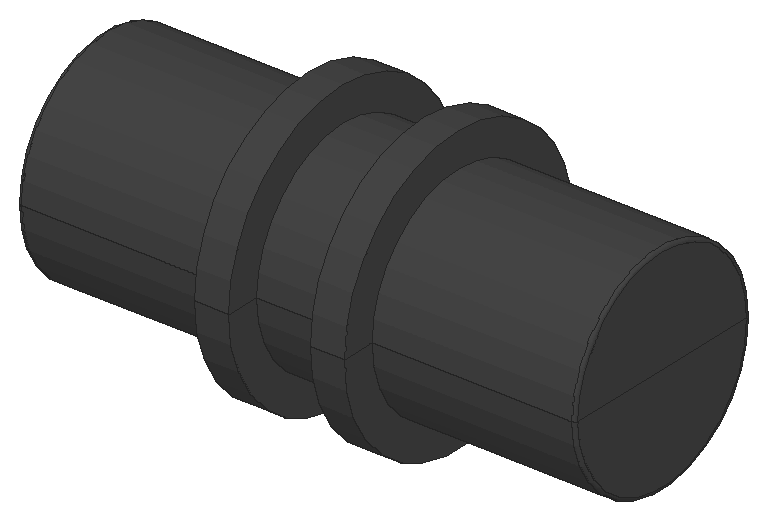
Revit family "BIMLIB_Муфта_соединительная_PEX_РОСТерм", category Соединительные детали трубопроводов, Revit 2017
Family settings
  Размер круглого соединителя = Использовать диаметр
  Тип детали = Соединение
  На основе рабочей плоскости = Нет
  Всегда вертикально = Да
  При загрузке вырезать с полостями = Нет
  Общий = Нет
Parameters (values of type "Муфта соединительная PEX")
  РТ_DN2 [instance] = РТ_DN / 2 + 5 mm  # 21 mm
  Описание = "Муфта соединительная"  # constant formula
  K Coefficient = 0.25  # constant formula
  Изготовитель = "РОСТерм"  # constant formula
  URL = "http://rostherm.ru/"
  РТ_L [instance] = size_lookup("Наименование", "РТ_L", 0 mm, РТ_DN)  # 82 mm
  РТ_DN [instance] = 32 mm
  РТ_Z [instance] = size_lookup("Наименование", "РТ_Z", 0 mm, РТ_DN)  # 22 mm
  BL_Разработано = "support@bimlib.ru"  # constant formula
  BL_Email = "rostherm@bimlib.ru"  # constant formula
  BL_BIM library = "https://bimlib.pro/manufacturer/rosterm/1632/"
  ADSK_Расход жидкости [instance] = 0.0 L/s
  ADSK_Примечание = ""
  ADSK_Позиция = ""
  ADSK_Обозначение [instance] = "ГОСТ 32415-2013"  # constant formula
  ADSK_Наименование краткое [instance] = size_lookup("Наименование", "", "-", РТ_DN)  # "Муфта соединительная 32"
  ADSK_Наименование [instance] = size_lookup("Наименование", "", "-", РТ_DN)  # "Муфта соединительная 32"
  ADSK_Материал = BIMLIB_Черный_РТ
  ADSK_Масса_Текст = ""
  ADSK_Масса [instance] = if(РТ_DN = 16 mm, 0.008, if(РТ_DN = 20 mm, 0.013, if(РТ_DN = 25 mm, 0.021, if(РТ_DN = 32 mm, 0.038, 0))))  # 0.038
  ADSK_Марка [instance] = size_lookup("Артикул", "", "-", РТ_DN)  # "Fcl32"
  ADSK_Код изделия [instance] = size_lookup("Артикул", "", "-", РТ_DN)  # "Fcl32"
  ADSK_Завод-изготовитель = "РОСТерм"  # constant formula
  ADSK_Единица измерения = "шт"  # constant formula
  ADSK_Версия Revit = "2017"  # constant formula
  ADSK_URL страницы изделия = "http://rostherm.ru/truby-i-fitingi-iz-polipropilena-pprt/"
  ADSK_URL документации изделия = "http://rostherm.ru/"
Reference planes
  plane 1 "По центру (Вперед/Назад)": y = 0
  plane 2: z = 0
  plane 3 "По центру (Влево/Вправо)": x = 0
  plane 4: x = -41
  plane 5: x = 41
  plane 6: y = 16
  plane 7: y = -16
  plane 8: x = -11
  plane 9: x = 11
Forms (mm)
  Revolve 1, solid, material "BIMLIB_Черный_РТ" <- "ADSK_Материал", detail levels medium+fine
    sketch origin (0, 0, 0) x (1, 0, 0) y (0, 1, 0)
      loop
        arc (-40.5, 16) -> (-40.854, 15.854) -> (-41, 15.5) r 0.5
        line (-41, 15.5) -> (-41, 0) -> (41, 0) -> (41, 15.5)
        arc (41, 15.5) -> (40.854, 15.854) -> (40.5, 16) r 0.5
        line (40.5, 16) -> (-40.5, 16)
      axis (-41, 0) -> (41, 0)
    angle from 0 to 360
  Revolve 2, solid, material "BIMLIB_Черный_РТ" <- "ADSK_Материал", detail levels medium+fine
    sketch origin (0, 0, 0) x (1, 0, 0) y (0, 1, 0)
      loop
        line (-11, 0) -> (-6, 0) -> (-6, 21) -> (-11, 21) -> (-11, 0)
      loop
        line (11, 0) -> (11, 21) -> (6, 21) -> (6, 0) -> (11, 0)
      axis (-11, 0) -> (11, 0)
    angle from 0 to 360
Cuts and joins
  joined: Revolve 1, Revolve 2
Lines and regions (mm)
  reference lines
    curve 1: line (-41, 0, 0) -> (41, 0, 0)
  model lines, detail levels coarse
    curve 2: line (-41, 0, 0) -> (41, 0, 0)
Dimensions and locks
  equal spacing: plane 4, plane 3 "По центру (Влево/Вправо)", plane 5
  "РТ_L": plane 4 to plane 5
  equal spacing: plane 6, plane 1 "По центру (Вперед/Назад)", plane 7
  "РТ_DN": plane 6 to plane 7
  equal spacing: plane 8, plane 3 "По центру (Влево/Вправо)", plane 9
  "РТ_Z": plane 8 to plane 9
  locked: Revolve 2 sketch curve to Revolve 2 sketch curve at 5  (x2)
  "РТ_DN2": plane 1 "По центру (Вперед/Назад)" to Revolve 2 sketch curve
  radius of Revolve 1 sketch curve = 0.5 mm  (x2)
  aligned and locked: level to plane 2
  aligned and locked: Revolve 1 sketch curve to plane 6
  aligned and locked: Revolve 1 sketch curve to plane 1 "По центру (Вперед/Назад)"
  aligned and locked: plane 1 "По центру (Вперед/Назад)" to Revolve 1 sketch curve
  aligned and locked: Revolve 1 sketch curve to plane 5
  aligned and locked: plane 4 to Revolve 1 sketch curve
  aligned and locked: plane 1 "По центру (Вперед/Назад)" to nested 1
  aligned and locked: plane 3 "По центру (Влево/Вправо)" to nested 1
  aligned and locked: plane 4 to curve 1
  aligned and locked: plane 5 to curve 1
  aligned and locked: plane 1 "По центру (Вперед/Назад)" to curve 1
  aligned and locked: plane 9 to Revolve 2 sketch curve
  aligned and locked: plane 1 "По центру (Вперед/Назад)" to Revolve 2 sketch curve  (x2)
  aligned and locked: plane 8 to Revolve 2 sketch curve
  aligned and locked: Revolve 2 sketch curve to plane 1 "По центру (Вперед/Назад)"
  aligned and locked: Revolve 2 sketch curve to Revolve 2 sketch curve
  aligned and locked: plane 4 to curve 2
  aligned and locked: plane 5 to curve 2
Automatic sketch dimensions
  plane 1 "По центру (Вперед/Назад)" to curve 2 = 0 mm
  plane 1 "По центру (Вперед/Назад)" to Revolve 1 sketch curve = 0 mm
  Revolve 1 sketch curve to plane 4 = 0 mm
  Revolve 1 sketch curve to plane 5 = 0 mm
  Revolve 2 sketch curve to plane 4 = 2.114 mm
  plane 5 to Revolve 2 sketch curve = 10.941 mm
Nested families
  nested 1: "УГО_Муфта" at (0, 0, 0), Высота_ном <- "РТ_DN", Длина_ном <- "РТ_L", type "УГО_Муфта", detail levels coarse
    with УГО no, Переключатель УГО yes, Длина_ном 82 mm, Высота_ном 32 mm
Connectors
  piping at (-41, 0, 0), diameter 32, driven by "РТ_DN", driven by "ADSK_Расход жидкости"
    settings: on curve 1, index 1, connector inside diameter 609.6 mm, connector length 0 mm, flow factor 0, pipe flow 0.0 L/s, pressure drop 0.0 Pa, fitting loss kfactor 0, connector angle 0.00°, fixture units 0, engagement length 0 mm, angle of deflection 0.00°, flow configuration 0, flow direction 0, fitting loss method 4, system type 28, joint type 0, gender type 0, connector reference index 2, connector utility 0, adjustable connector yes, is connector primary yes, connector description ""
  piping at (41, 0, 0), diameter 32, driven by "РТ_DN", driven by "ADSK_Расход жидкости"
    settings: on curve 1, index 2, connector inside diameter 609.6 mm, connector length 0 mm, flow factor 0, pipe flow 0.0 L/s, pressure drop 0.0 Pa, fitting loss kfactor 0, connector angle 0.00°, fixture units 0, engagement length 0 mm, angle of deflection 0.00°, flow configuration 0, flow direction 0, fitting loss method 4, system type 28, joint type 0, gender type 0, connector reference index 1, connector utility 0, adjustable connector yes, is connector primary no, connector description ""
Definition of nested family "УГО_Муфта"
  Parameters (values of type "УГО_Муфта")
    УГО [instance] = not(Переключатель УГО)  # yes
    Переключатель УГО [instance] = no
    Длина_ном [instance] = 70 mm
    Высота_ном [instance] = 40 mm
  Reference planes
    plane 1 "По центру (Вперед/Назад)": y = 0
    plane 2: z = 0
    plane 3 "По центру (Влево/Вправо)": x = 0
    plane 4: z = 20
    plane 5: z = -20
    plane 6: x = -35
    plane 7: x = 35
    plane 8: y = 20
    plane 9: y = -20
  Lines and regions (mm)
    model lines, visible <- "УГО"
      curve 1: line (-35, 20, 0) -> (35, 20, 0)
      curve 2: line (-35, -20, 0) -> (35, -20, 0)
    symbolic lines
      curve 3: line (-35, 20, 0) -> (35, 20, 0)
      curve 4: line (-35, -20, 0) -> (35, -20, 0)
    model lines, visible <- "Переключатель УГО"
      curve 5: line (-35, 0, -20) -> (35, 0, -20)
      curve 6: line (-35, 0, 20) -> (35, 0, 20)
  Dimensions and locks
    equal spacing: plane 4, plane 2, plane 5
    "Высота_ном": plane 4 to plane 5
    equal spacing: plane 6, plane 3 "По центру (Влево/Вправо)", plane 7
    equal spacing: plane 8, plane 1 "По центру (Вперед/Назад)", plane 9
    "Длина_ном": plane 6 to plane 7
    "Высота_ном": plane 8 to plane 9
    aligned and locked: level to plane 2
    aligned and locked: plane 9 to curve 2
    aligned and locked: plane 8 to curve 3
    aligned and locked: plane 6 to curve 4
    aligned and locked: plane 6 to curve 3
    aligned and locked: plane 7 to curve 6
    aligned and locked: plane 7 to curve 1
    aligned and locked: plane 6 to curve 6
    aligned and locked: plane 7 to curve 4
    aligned and locked: plane 7 to curve 3
    aligned and locked: curve 5 to plane 5
    aligned and locked: plane 7 to curve 5
    aligned and locked: curve 6 to plane 4
  Automatic sketch dimensions
    curve 5 to plane 6 = 0 mm
